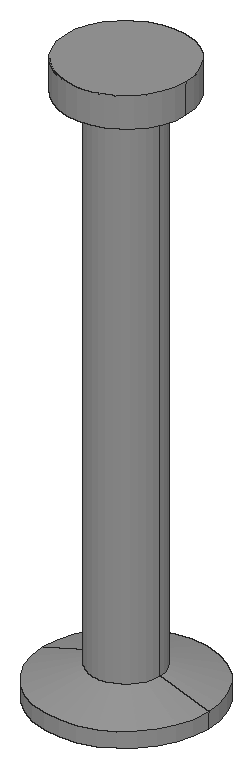
Revit family "0f7a9f43c07d4a89bb157fe75f4fe70a", category Structural Connections, host Face, Revit 2021
Family settings
  Host = Face
  Material for Model Behavior = Other
  Enable cutting in views = No
  Cut with Voids When Loaded = No
  Shared = Yes
Parameters (values of type "6000-2.5-0120")
  Visibility dimension line [instance] = no
  T2 = 0' - 0 1/4"
  t1 = 0' - 0 1/4"
  r2 = 0.5 * d2  # 0' - 0 11/16"
  r1 = 0.5 * d1  # 0' - 0 1/2"
  r = 0.5 * d  # 0' - 0 9/32"
  l = 0' - 4 3/4"
  k = 0' - 0 1/2"
  d2 = 0' - 1 3/8"
  d1 = 0' - 1"
  d = 0' - 0 9/16"
  Type Comments = "Mountingpart"
  R = 0.5 * Da  # 0' - 1 1/2"
  Da = 0' - 3"
  Anchor Material [instance] = Steel
  Default Elevation = 0' - 0"
  Anchor Usage = "Floor"
Types (4): name | Visibility dimension line | T2 | t1 | r2 | r1 | r | l | k | d2 | d1 | d | R | Da | Anchor Material | Anchor Usage
  6000-2.5-0120 | no | 0' - 0 1/4" | 0' - 0 1/4" | 0' - 0 11/16" | 0' - 0 1/2" | 0' - 0 9/32" | 0' - 4 3/4" | 0' - 0 1/2" | 0' - 1 3/8" | 0' - 1" | 0' - 0 9/16" | 0' - 1 1/2" | 0' - 3" | Steel | "Floor"
  6000-1.3-0240 | yes | 0' - 0.31496" | 0' - 0.31496" | 0' - 0.49213" | 0' - 0.37402" | 0' - 0.19685" | 0' - 9.44882" | 0' - 0.3937" | 0' - 0.98425" | 0' - 0.74803" | 0' - 0.3937" | 0' - 1.1811" | 0' - 2.3622" | Metal - Steel - S235 | "Beam and Wall"
  6000-1.3-0120 | yes | 0' - 0.31496" | 0' - 0.31496" | 0' - 0.49213" | 0' - 0.37402" | 0' - 0.19685" | 0' - 4.72441" | 0' - 0.3937" | 0' - 0.98425" | 0' - 0.74803" | 0' - 0.3937" | 0' - 1.1811" | 0' - 2.3622" | Metal - Steel - S235 | "Beam and Wall"
  6000-1.3-0085 | yes | 0' - 0.31496" | 0' - 0.31496" | 0' - 0.49213" | 0' - 0.37402" | 0' - 0.19685" | 0' - 3.34646" | 0' - 0.3937" | 0' - 0.98425" | 0' - 0.74803" | 0' - 0.3937" | 0' - 1.1811" | 0' - 2.3622" | Metal - Steel - S235 | "Beam and Wall"
Reference planes (in)
  plane 1 "Center ( Front/Back)": y = 0
  plane 2: z = 0
  plane 3 "Center (Left/Right)": x = 0
  plane 4: z = -5.25
  plane 5: z = -5
  plane 6: z = -0.5
  plane 7: z = -5.125
  plane 8: z = -0.75
Forms (in)
  Extrusion 1, solid, material "Steel" <- "Anchor Material"
    sketch origin (0, 0, -2.96548) x (1, 0, 0) y (0, 1, 0)
      loop
        circle (0, 0) r 0.28125
    from -2.28452 to 2.46548
  Blend 2, solid, material "Steel" <- "Anchor Material"
    base sketch origin (-1.67336, -180, -5) x (-1, 0, 0) y (0, -1, 0)
      loop
        circle (-1.67336, -180) r 0.28125
    top sketch origin (-1.67336, -180, -5) x (-1, 0, 0) y (0, -1, 0)
      loop
        circle (-1.67336, -180) r 0.6875
    from 0 to -0.125
  Extrusion 3, solid, material "Steel" <- "Anchor Material"
    sketch origin (-1.41732, -180, -5.25) x (-1, 0, 0) y (0, -1, 0)
      loop
        circle (-1.41732, -180) r 0.6875
    from 0 to 0.125
  Extrusion 4, solid, material "Steel" <- "Anchor Material"
    sketch origin (0, 0, -16.33858) x (1, 0, 0) y (0, 1, 0)
      loop
        circle (0, 0) r 0.5
    from 15.58858 to 15.83858
  Revolve 5, void
    sketch origin (0, 0, 0) x (1, 0, 0) y (0, 0, 1)
      loop
        line (0, 0) -> (0, -1.5)
        arc (0, -1.5) -> (1.06066, -1.06066) -> (1.5, 0) r 1.5
        line (1.5, 0) -> (0, 0)
      axis (0, -1.5) -> (0, 0)
    angle from 0 to 360
Cuts and joins
  joined: Extrusion 1, Blend 2, Extrusion 3, Extrusion 4
Lines and regions (in)
  model lines, style "Dimension_Front", visible <- "Visibility dimension line"
    curve 1: line (0, 0, -1.03648) -> (0, 0, -1.62704)
Dimensions and locks (in)
  "T2": plane 5 to plane 4
  "l": plane 6 to plane 4
  equal spacing: plane 5, plane 7, plane 4
  "t1": plane 6 to plane 8
  "k": plane 2 to plane 6
  "r": radius of Extrusion 1 sketch curve
  "r": radius of Blend 2 sketch curve
  "r2": radius of Blend 2 sketch curve
  "r2": radius of Extrusion 3 sketch curve
  "r1": radius of Extrusion 4 sketch curve
  "R": radius of Revolve 5 sketch curve
  aligned and locked: plane 2 to host face
  aligned and locked: level to host face
  aligned: Extrusion 1 to plane 5
  aligned and locked: plane 1 "Center ( Front/Back)" to Blend 2 sketch curve  (x2)
  aligned and locked: plane 3 "Center (Left/Right)" to Blend 2 sketch curve  (x2)
  aligned and locked: Blend 2 to plane 7
  aligned and locked: plane 5 to Blend 2
  aligned and locked: plane 1 "Center ( Front/Back)" to Extrusion 3 sketch curve
  aligned and locked: plane 3 "Center (Left/Right)" to Extrusion 3 sketch curve
  aligned and locked: plane 7 to Extrusion 3
  aligned and locked: Extrusion 1 to plane 4
  aligned and locked: plane 6 to Extrusion 1
  aligned and locked: plane 8 to Extrusion 4
  aligned and locked: Revolve 5 sketch curve to plane 3 "Center (Left/Right)"
  aligned and locked: plane 3 "Center (Left/Right)" to Revolve 5 sketch curve
  aligned and locked: plane 6 to Extrusion 4
  aligned and locked: plane 1 "Center ( Front/Back)" to Extrusion 4 sketch curve
  aligned and locked: plane 3 "Center (Left/Right)" to Extrusion 4 sketch curve
  aligned and locked: Revolve 5 sketch curve to level
Automatic sketch dimensions
  host sketch curve to host sketch curve = 8' - 0"  (x2)
  plane 1 "Center ( Front/Back)" to Extrusion 1 sketch curve = 0' - 0"
  Extrusion 1 sketch curve to plane 3 "Center (Left/Right)" = 0' - 0"
  Revolve 5 sketch curve to plane 6 = 0' - 0"
  Revolve 5 sketch curve to Revolve 5 sketch curve = 0' - 3.07607"
  curve 1 to plane 3 "Center (Left/Right)" = 0' - 0"
  curve 1 to plane 8 = 0' - 0.87704"
  curve 1 to plane 8 = 0' - 0.28648"
